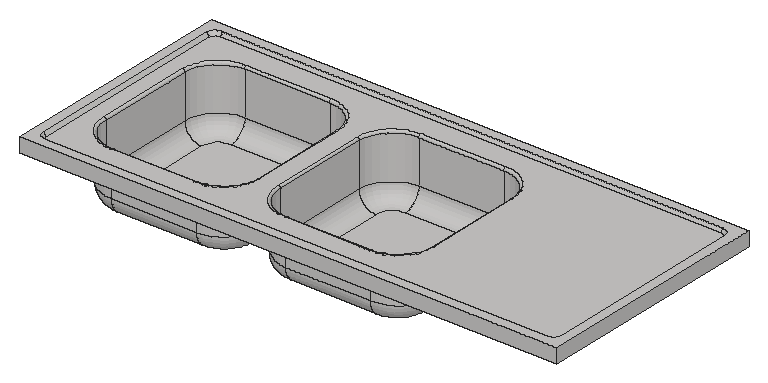
Revit family
Parameters (values of type "1200 X 535")
  Waste Connection Diameter = 40 mm
  Width Of Bowl = 370 mm
  Waste Connection Radius = Waste Connection Diameter / 2  # 20 mm
  Waste Connection = 1 = 1  # yes
  WFU = 0
  Vent Connection = 1 = 0  # no
  URL = "http://www.autospec.co.za/browse.php?id=1937217983"
  Product Code = "SSO-1200-DE"
  OmniClass Title = ""
  OmniClass Number = ""
  Modspec Classification = ""
  Specification = ""
  Material = Stainless Steel Grade 304
  Location (revit room) = ""
  Length Of Bowl = 340 mm
  HW Connection = 1 = 0  # no
  Description = ""
  Depth Of Bowl = 150 mm
  Colour = none
  CW Connection = 1 = 0  # no
  Body Finish = none
  Width = 535 mm
  Model = "Left Hand Sit-On Sink Double End Bowl SSO-1200-DE"
  Manufacturer = "Kwikot"  # constant formula
  Length = 1200 mm
  Assembly Code = "D2010410"
Reference planes
  plane 1 "Center (Front/Back)": y = 0
  plane 2 "Bottom": z = 0
  plane 3 "Center (Left/Right)": x = 0
  plane 4 "Right": x = 1200
  plane 5 "Back": y = 535
  plane 6 "Top": z = 150
  plane 7: z = 118
  plane 8: x = 65
  plane 9: x = 405
  plane 10: y = 267.5
  plane 11: y = 452.5
  plane 12: y = 82.5
  plane 13: x = 235
  plane 14: z = 142
  plane 15: x = 455
  plane 16: x = 795
  plane 17: x = 625
Forms (mm)
  Sweep 1, solid, material "Stainless Steel Grade 304" <- "Material"
    path origin (-60.109, -1524, 150) x (-1, 0, 0) y (0, -1, 0)
      loop
        line (-60.109, -2059) -> (-60.109, -1524) -> (-1260.109, -1524) -> (-1260.109, -2059) -> (-60.109, -2059)
    profile origin (600, 535, 150) x (0, 1, 0) y (0, 0, 1)
      loop
        line (-15, 0) -> (-15, -10.5) -> (-2.5, -10.5) -> (-2.5, -29.5) -> (-10, -29.5) -> (-10, -32) -> (0, -32) -> (0, 0) -> (-15, 0)
  Extrusion 2, solid, material "Stainless Steel Grade 304" <- "Material"
    sketch origin (-60.109, -1524, 150) x (-1, 0, 0) y (0, -1, 0)
      loop
        line (-75.109, -1539) -> (-1245.109, -1539) -> (-1245.109, -2044) -> (-75.109, -2044) -> (-75.109, -1539)
    from 0 to -10.5
  Extrusion 3, void
    sketch origin (-60.109, -1524, 150) x (0, -1, 0) y (-1, 0, 0)
      loop
        line (-1976.5, -200.109) -> (-1976.5, -390.109)
        arc (-1976.5, -390.109) -> (-1954.533, -443.142) -> (-1901.5, -465.109) r 75
        line (-1901.5, -465.109) -> (-1681.5, -465.109)
        arc (-1681.5, -465.109) -> (-1628.467, -443.142) -> (-1606.5, -390.109) r 75
        line (-1606.5, -390.109) -> (-1606.5, -200.109)
        arc (-1606.5, -200.109) -> (-1628.467, -147.076) -> (-1681.5, -125.109) r 75
        line (-1681.5, -125.109) -> (-1901.5, -125.109)
        arc (-1901.5, -125.109) -> (-1954.533, -147.076) -> (-1976.5, -200.109) r 75
      loop
        line (-1976.5, -590.109) -> (-1976.5, -780.109)
        arc (-1976.5, -780.109) -> (-1954.533, -833.142) -> (-1901.5, -855.109) r 75
        line (-1901.5, -855.109) -> (-1681.5, -855.109)
        arc (-1681.5, -855.109) -> (-1628.467, -833.142) -> (-1606.5, -780.109) r 75
        line (-1606.5, -780.109) -> (-1606.5, -590.109)
        arc (-1606.5, -590.109) -> (-1628.467, -537.076) -> (-1681.5, -515.109) r 75
        line (-1681.5, -515.109) -> (-1901.5, -515.109)
        arc (-1901.5, -515.109) -> (-1954.533, -537.076) -> (-1976.5, -590.109) r 75
    from 0 to 10.5
  Sweep 4, solid, material "Stainless Steel Grade 304" <- "Material"
    path origin (-60.109, -1524, 150) x (-1, 0, 0) y (0, -1, 0)
      loop
        arc (-200.109, -1976.5) -> (-147.076, -1954.533) -> (-125.109, -1901.5) r 75
        line (-125.109, -1901.5) -> (-125.109, -1681.5)
        arc (-125.109, -1681.5) -> (-147.076, -1628.467) -> (-200.109, -1606.5) r 75
        line (-200.109, -1606.5) -> (-390.109, -1606.5)
        arc (-390.109, -1606.5) -> (-443.142, -1628.467) -> (-465.109, -1681.5) r 75
        line (-465.109, -1681.5) -> (-465.109, -1901.5)
        arc (-465.109, -1901.5) -> (-443.142, -1954.533) -> (-390.109, -1976.5) r 75
        line (-390.109, -1976.5) -> (-200.109, -1976.5)
    profile origin (235, 452.5, 150) x (0, 1, 0) y (0, 0, 1)
      loop
        line (0, -10.5) -> (0, -110)
        arc (0, -110) -> (-10.983, -136.517) -> (-37.5, -147.5) r 37.5
        line (-37.5, -147.5) -> (-37.5, -150)
        arc (-37.5, -150) -> (-9.216, -138.284) -> (2.5, -110) r 40
        line (2.5, -110) -> (2.5, -10.5) -> (0, -10.5)
  Extrusion 5, solid, material "Stainless Steel Grade 304" <- "Material"
    sketch origin (0, 0, 0) x (1, 0, 0) y (0, 1, 0)
      loop
        arc (102.5, 157.5) -> (113.483, 130.983) -> (140, 120) r 37.5
        line (140, 120) -> (330, 120)
        arc (330, 120) -> (356.517, 130.983) -> (367.5, 157.5) r 37.5
        line (367.5, 157.5) -> (367.5, 377.5)
        arc (367.5, 377.5) -> (356.517, 404.017) -> (330, 415) r 37.5
        line (330, 415) -> (140, 415)
        arc (140, 415) -> (113.483, 404.017) -> (102.5, 377.5) r 37.5
        line (102.5, 377.5) -> (102.5, 157.5)
      loop
        circle (235, 267.5) r 20
    from 0 to 2.5
  Blend 6, void
    base sketch origin (0, 0, 150) x (-1, 0, 0) y (0, -1, 0)
      loop
        line (-20, -495) -> (-20, -40)
        arc (-20, -40) -> (-25.858, -25.858) -> (-40, -20) r 20
        line (-40, -20) -> (-1160, -20)
        arc (-1160, -20) -> (-1174.142, -25.858) -> (-1180, -40) r 20
        line (-1180, -40) -> (-1180, -495)
        arc (-1180, -495) -> (-1174.142, -509.142) -> (-1160, -515) r 20
        line (-1160, -515) -> (-40, -515)
        arc (-40, -515) -> (-25.858, -509.142) -> (-20, -495) r 20
    top sketch origin (0, 0, 150) x (-1, 0, 0) y (0, -1, 0)
      loop
        line (-25, -495) -> (-25, -40)
        arc (-25, -40) -> (-29.393, -29.393) -> (-40, -25) r 15
        line (-40, -25) -> (-1160, -25)
        arc (-1160, -25) -> (-1170.607, -29.393) -> (-1175, -40) r 15
        line (-1175, -40) -> (-1175, -495)
        arc (-1175, -495) -> (-1170.607, -505.607) -> (-1160, -510) r 15
        line (-1160, -510) -> (-40, -510)
        arc (-40, -510) -> (-29.393, -505.607) -> (-25, -495) r 15
    from 0 to -8
  Extrusion 7, solid, material "Stainless Steel Grade 304" <- "Material"
    sketch origin (0, 0, 0) x (1, 0, 0) y (0, 1, 0)
      loop
        circle (235, 267.5) r 20
    from 0 to -5
  Sweep 8, solid, material "Stainless Steel Grade 304" <- "Material"
    path origin (-60.109, -1524, 150) x (-1, 0, 0) y (0, -1, 0)
      loop
        arc (-855.109, -1901.5) -> (-833.142, -1954.533) -> (-780.109, -1976.5) r 75
        line (-780.109, -1976.5) -> (-590.109, -1976.5)
        arc (-590.109, -1976.5) -> (-537.076, -1954.533) -> (-515.109, -1901.5) r 75
        line (-515.109, -1901.5) -> (-515.109, -1681.5)
        arc (-515.109, -1681.5) -> (-537.076, -1628.467) -> (-590.109, -1606.5) r 75
        line (-590.109, -1606.5) -> (-780.109, -1606.5)
        arc (-780.109, -1606.5) -> (-833.142, -1628.467) -> (-855.109, -1681.5) r 75
        line (-855.109, -1681.5) -> (-855.109, -1901.5)
    profile origin (795, 267.5, 150) x (1, 0, 0) y (0, 0, 1)
      loop
        line (0, -10.5) -> (0, -110)
        arc (0, -110) -> (-10.983, -136.517) -> (-37.5, -147.5) r 37.5
        line (-37.5, -147.5) -> (-37.5, -150)
        arc (-37.5, -150) -> (-9.216, -138.284) -> (2.5, -110) r 40
        line (2.5, -110) -> (2.5, -10.5) -> (0, -10.5)
  Extrusion 9, solid, material "Stainless Steel Grade 304" <- "Material"
    sketch origin (0, 0, 0) x (1, 0, 0) y (0, 1, 0)
      loop
        arc (492.5, 157.5) -> (503.483, 130.983) -> (530, 120) r 37.5
        line (530, 120) -> (720, 120)
        arc (720, 120) -> (746.517, 130.983) -> (757.5, 157.5) r 37.5
        line (757.5, 157.5) -> (757.5, 377.5)
        arc (757.5, 377.5) -> (746.517, 404.017) -> (720, 415) r 37.5
        line (720, 415) -> (530, 415)
        arc (530, 415) -> (503.483, 404.017) -> (492.5, 377.5) r 37.5
        line (492.5, 377.5) -> (492.5, 157.5)
      loop
        circle (625, 267.5) r 20
    from 0 to 2.5
  Extrusion 10, solid, material "Stainless Steel Grade 304" <- "Material"
    sketch origin (0, 0, 0) x (1, 0, 0) y (0, 1, 0)
      loop
        circle (625, 267.5) r 20
    from 0 to -5
  Sweep 11, void
    path origin (0, 0, 150) x (-1, 0, 0) y (0, -1, 0)
      loop
        line (-330, -452.5) -> (-140, -452.5)
        arc (-140, -452.5) -> (-86.967, -430.533) -> (-65, -377.5) r 75
        line (-65, -377.5) -> (-65, -157.5)
        arc (-65, -157.5) -> (-86.967, -104.467) -> (-140, -82.5) r 75
        line (-140, -82.5) -> (-330, -82.5)
        arc (-330, -82.5) -> (-383.033, -104.467) -> (-405, -157.5) r 75
        line (-405, -157.5) -> (-405, -377.5)
        arc (-405, -377.5) -> (-383.033, -430.533) -> (-330, -452.5) r 75
    profile origin (235, 452.5, 150) x (0, -1, 0) y (0, 0, 1)
      loop
        arc (-5, -8) -> (-1.464, -9.464) -> (0, -13) r 5
        line (0, -13) -> (0, -8) -> (-5, -8)
  Sweep 12, void
    path origin (0, 0, 150) x (-1, 0, 0) y (0, -1, 0)
      loop
        arc (-530, -452.5) -> (-476.967, -430.533) -> (-455, -377.5) r 75
        line (-455, -377.5) -> (-455, -157.5)
        arc (-455, -157.5) -> (-476.967, -104.467) -> (-530, -82.5) r 75
        line (-530, -82.5) -> (-720, -82.5)
        arc (-720, -82.5) -> (-773.033, -104.467) -> (-795, -157.5) r 75
        line (-795, -157.5) -> (-795, -377.5)
        arc (-795, -377.5) -> (-773.033, -430.533) -> (-720, -452.5) r 75
        line (-720, -452.5) -> (-530, -452.5)
    profile origin (625, 452.5, 150) x (0, 1, 0) y (0, 0, 1)
      loop
        line (0, -8) -> (0, -13)
        arc (0, -13) -> (1.464, -9.464) -> (5, -8) r 5
        line (5, -8) -> (0, -8)
Cuts and joins
  Extrusion 3, Blend 6, Sweep 11, Sweep 12 cuts Sweep 1
  Extrusion 3, Blend 6, Sweep 11, Sweep 12 cuts Extrusion 2
  Blend 6, Sweep 11, Sweep 12 cuts Sweep 4
  Blend 6, Sweep 11, Sweep 12 cuts Extrusion 5
  Sweep 11, Sweep 12 cuts Extrusion 7
  Sweep 11, Sweep 12 cuts Sweep 8
  Sweep 11, Sweep 12 cuts Extrusion 9
  Sweep 11, Sweep 12 cuts Extrusion 10
  joined: Sweep 1, Extrusion 2, Sweep 4, Extrusion 5, Extrusion 7, Sweep 8, Extrusion 9, Extrusion 10
Lines and regions (mm)
  symbolic lines
    curve 1: line (0, 535, 150) -> (0, 0, 150)
    curve 2: line (0, 0, 150) -> (1200, 0, 150)
    curve 3: line (1200, 0, 150) -> (1200, 535, 150)
    curve 4: line (1200, 535, 150) -> (0, 535, 150)
    curve 5: line (20, 40, 150) -> (20, 495, 150)
    curve 6: line (25, 495, 150) -> (25, 40, 150)
    curve 7: arc (20, 495, 150) -> (25.858, 509.142, 150) -> (40, 515, 150) r 20
    curve 8: arc (40, 510, 150) -> (29.393, 505.607, 150) -> (25, 495, 150) r 15
    curve 9: line (40, 515, 150) -> (1160, 515, 150)
    curve 10: line (1160, 510, 150) -> (40, 510, 150)
    curve 11: arc (1160, 515, 150) -> (1174.142, 509.142, 150) -> (1180, 495, 150) r 20
    curve 12: arc (1175, 495, 150) -> (1170.607, 505.607, 150) -> (1160, 510, 150) r 15
    curve 13: line (1175, 40, 150) -> (1175, 495, 150)
    curve 14: line (1180, 495, 150) -> (1180, 40, 150)
    curve 15: arc (1180, 40, 150) -> (1174.142, 25.858, 150) -> (1160, 20, 150) r 20
    curve 16: arc (1160, 25, 150) -> (1170.607, 29.393, 150) -> (1175, 40, 150) r 15
    curve 17: line (1160, 20, 150) -> (40, 20, 150)
    curve 18: line (40, 25, 150) -> (1160, 25, 150)
    curve 19: arc (40, 20, 150) -> (25.858, 25.858, 150) -> (20, 40, 150) r 20
    curve 20: arc (25, 40, 150) -> (29.393, 29.393, 150) -> (40, 25, 150) r 15
    curve 21: line (65, 377.5, 150) -> (65, 157.5, 150)
    curve 22: arc (140, 452.5, 150) -> (86.967, 430.533, 150) -> (65, 377.5, 150) r 75
    curve 23: line (330, 452.5, 150) -> (140, 452.5, 150)
    curve 24: arc (405, 377.5, 150) -> (383.033, 430.533, 150) -> (330, 452.5, 150) r 75
    curve 25: line (405, 157.5, 150) -> (405, 377.5, 150)
    curve 26: arc (330, 82.5, 150) -> (383.033, 104.467, 150) -> (405, 157.5, 150) r 75
    curve 27: line (140, 82.5, 150) -> (330, 82.5, 150)
    curve 28: arc (65, 157.5, 150) -> (86.967, 104.467, 150) -> (140, 82.5, 150) r 75
    curve 33: arc (255, 267.5, 150) -> (235, 247.5, 150) -> (215, 267.5, 150) r 20
    curve 34: arc (215, 267.5, 150) -> (235, 287.5, 150) -> (255, 267.5, 150) r 20
    curve 36: line (530, 452.5, 150) -> (720, 452.5, 150)
    curve 37: arc (455, 377.5, 150) -> (476.967, 430.533, 150) -> (530, 452.5, 150) r 75
    curve 38: line (455, 157.5, 150) -> (455, 377.5, 150)
    curve 39: arc (720, 452.5, 150) -> (773.033, 430.533, 150) -> (795, 377.5, 150) r 75
    curve 40: line (795, 377.5, 150) -> (795, 157.5, 150)
    curve 41: arc (795, 157.5, 150) -> (773.033, 104.467, 150) -> (720, 82.5, 150) r 75
    curve 42: line (720, 82.5, 150) -> (530, 82.5, 150)
    curve 43: arc (530, 82.5, 150) -> (476.967, 104.467, 150) -> (455, 157.5, 150) r 75
    curve 44: arc (645, 267.5, 150) -> (625, 247.5, 150) -> (605, 267.5, 150) r 20
    curve 45: arc (605, 267.5, 150) -> (625, 287.5, 150) -> (645, 267.5, 150) r 20
  model lines
    curve 29: line (1150, 480, 142) -> (1150, 75, 142)
    curve 30: line (870, 480, 142) -> (1150, 480, 142)
    curve 31: line (870, 75, 142) -> (1150, 75, 142)
    curve 32: line (1150, 440, 142) -> (870, 440, 142)
    curve 35: line (870, 480, 142) -> (870, 75, 142)
    curve 46: line (1150, 460, 142) -> (870, 460, 142)
    curve 47: line (1150, 420, 142) -> (870, 420, 142)
    curve 48: line (1150, 400, 142) -> (870, 400, 142)
    curve 49: line (1150, 380, 142) -> (870, 380, 142)
    curve 50: line (1150, 360, 142) -> (870, 360, 142)
    curve 51: line (1150, 340, 142) -> (870, 340, 142)
    curve 52: line (1150, 320, 142) -> (870, 320, 142)
    curve 53: line (1150, 300, 142) -> (870, 300, 142)
    curve 54: line (1150, 280, 142) -> (870, 280, 142)
    curve 55: line (1150, 260, 142) -> (870, 260, 142)
    curve 56: line (1150, 240, 142) -> (870, 240, 142)
    curve 57: line (1150, 220, 142) -> (870, 220, 142)
    curve 58: line (1150, 200, 142) -> (870, 200, 142)
    curve 59: line (1150, 180, 142) -> (870, 180, 142)
    curve 60: line (1150, 160, 142) -> (870, 160, 142)
    curve 61: line (1150, 140, 142) -> (870, 140, 142)
    curve 62: line (1150, 120, 142) -> (870, 120, 142)
    curve 63: line (1150, 100, 142) -> (870, 100, 142)
Dimensions and locks
  "Length": plane 3 "Center (Left/Right)" to plane 4 "Right"
  "Width": plane 5 "Back" to plane 1 "Center (Front/Back)"
  "Depth Of Bowl": plane 6 "Top" to plane 2 "Bottom"
  equal spacing: plane 1 "Center (Front/Back)", plane 10, plane 5 "Back"
  "Length Of Bowl": plane 8 to plane 9
  "Width Of Bowl": plane 11 to plane 12
  equal spacing: plane 11, plane 10, plane 12
  equal spacing: plane 8, plane 13, plane 9
  plane 6 "Top" to plane 7 = 32 mm
  Sweep 1 sketch curve to plane 5 "Back" = 10 mm
  Sweep 1 sketch curve to plane 5 "Back" = 15 mm
  plane 6 "Top" to Sweep 1 sketch curve = 10.5 mm
  Sweep 1 sketch curve to plane 5 "Back" = 2.5 mm
  plane 7 to Sweep 1 sketch curve = 2.5 mm
  plane 3 "Center (Left/Right)" to Blend 6 sketch curve = 20 mm
  Blend 6 sketch curve to plane 4 "Right" = 20 mm
  plane 5 "Back" to Blend 6 sketch curve = 20 mm
  plane 1 "Center (Front/Back)" to Blend 6 sketch curve = 20 mm
  var sketch to Blend 6 sketch curve = 5 mm  (x3)
  Blend 6 sketch curve to var sketch = 5 mm
  plane 6 "Top" to plane 14 = 8 mm
  plane 3 "Center (Left/Right)" to plane 8 = 65 mm
  "Length Of Bowl": plane 15 to plane 16
  equal spacing: plane 15, plane 17, plane 16
  plane 9 to plane 15 = 50 mm
  curve 29 to plane 4 "Right" = 50 mm
  plane 5 "Back" to curve 30 = 55 mm
  radius of Extrusion 3 sketch curve = 75 mm  (x8)
  radius of Sweep 4 sketch curve = 37.5 mm
  radius of Sweep 4 sketch curve = 40 mm
  "Waste Connection Radius": radius of Extrusion 5 sketch curve
  radius of Blend 6 sketch curve = 20 mm  (x4)
  radius of Blend 6 sketch curve = 15 mm  (x4)
  radius of Sweep 8 sketch curve = 37.5 mm
  radius of Sweep 8 sketch curve = 40 mm
  "Waste Connection Radius": radius of Extrusion 9 sketch curve
  aligned and locked: level to plane 2 "Bottom"
  aligned and locked: Sweep 1 sketch curve to plane 5 "Back"
  aligned and locked: plane 3 "Center (Left/Right)" to Sweep 1 sketch curve
  aligned and locked: Sweep 1 sketch curve to plane 1 "Center (Front/Back)"
  aligned and locked: plane 4 "Right" to Sweep 1 sketch curve
  aligned and locked: Sweep 1 sketch curve to profile plane
  aligned and locked: plane 7 to Sweep 1 sketch curve
  aligned and locked: profile plane to Sweep 1 sketch curve
  aligned and locked: Extrusion 2 sketch curve to Sweep 1  (x4)
  aligned and locked: Sweep 1 to Extrusion 2
  aligned and locked: plane 6 "Top" to Extrusion 2
  aligned and locked: plane 11 to Extrusion 3 sketch curve  (x2)
  aligned and locked: Extrusion 3 sketch curve to plane 8
  aligned and locked: Extrusion 3 sketch curve to plane 12  (x2)
  aligned and locked: plane 9 to Extrusion 3 sketch curve
  aligned and locked: Sweep 1 to Extrusion 3
  aligned and locked: plane 6 "Top" to Extrusion 3
  aligned and locked: Sweep 4 sketch curve to cut or joined group 1 (Sweep 1, Extrusion 2, Extrusion 3, Sweep 4, Extrusion 5, Blend 6, Extrusion 7, Sweep 8, Extrusion 9, Extrusion 10, Sweep 11, Sweep 12)  (x5)
  aligned and locked: cut or joined group 1 to Sweep 4 sketch curve
  aligned and locked: plane 2 "Bottom" to Sweep 4 sketch curve
  aligned and locked: Extrusion 5 sketch curve to cut or joined group 1  (x4)
  aligned and locked: plane 10 to Extrusion 5 sketch curve
  aligned and locked: curve 1 to cut or joined group 1
  aligned and locked: curve 2 to cut or joined group 1
  aligned and locked: curve 3 to cut or joined group 1
  aligned and locked: curve 4 to cut or joined group 1
  aligned and locked: curve 7 to cut or joined group 1
  aligned and locked: curve 8 to cut or joined group 1
  aligned and locked: curve 11 to cut or joined group 1
  aligned and locked: curve 12 to cut or joined group 1
  aligned and locked: curve 15 to cut or joined group 1
  aligned and locked: curve 16 to cut or joined group 1
  aligned and locked: curve 19 to cut or joined group 1
  aligned and locked: curve 20 to cut or joined group 1
  aligned and locked: curve 22 to cut or joined group 1
  aligned and locked: curve 24 to cut or joined group 1
  aligned and locked: curve 26 to cut or joined group 1
  aligned and locked: curve 28 to cut or joined group 1
  aligned and locked: Extrusion 7 sketch curve to cut or joined group 1  (x2)
  aligned and locked: curve 33 to cut or joined group 1
  aligned and locked: curve 34 to cut or joined group 1
  aligned and locked: plane 13 to Extrusion 5 sketch curve
  aligned and locked: Extrusion 3 sketch curve to plane 15
  aligned and locked: plane 16 to Extrusion 3 sketch curve
  aligned and locked: Sweep 8 sketch curve to cut or joined group 1  (x4)
  aligned and locked: cut or joined group 1 to Sweep 8 sketch curve
  aligned and locked: Sweep 8 sketch curve to profile plane
  aligned and locked: plane 2 "Bottom" to Sweep 8 sketch curve
  aligned and locked: Extrusion 9 sketch curve to Sweep 8  (x4)
  aligned and locked: plane 17 to Extrusion 9 sketch curve
  aligned and locked: plane 10 to Extrusion 9 sketch curve
  aligned and locked: Extrusion 10 sketch curve to cut or joined group 1  (x2)
  aligned and locked: Sweep 11 sketch curve to cut or joined group 1  (x4)
  aligned and locked: cut or joined group 1 to Sweep 11 sketch curve
  aligned and locked: profile plane to Sweep 11 sketch curve
  aligned and locked: curve 37 to cut or joined group 1
  aligned and locked: curve 39 to cut or joined group 1
  aligned and locked: curve 41 to cut or joined group 1
  aligned and locked: curve 43 to cut or joined group 1
  aligned and locked: curve 44 to cut or joined group 1
  aligned and locked: curve 45 to cut or joined group 1
  aligned and locked: Sweep 12 sketch curve to cut or joined group 1  (x4)
  aligned and locked: profile plane to Sweep 12 sketch curve
  aligned and locked: cut or joined group 1 to Sweep 12 sketch curve
Automatic sketch dimensions
  Sweep 4 sketch curve to Sweep 4 sketch curve = 0 mm
  curve 32 to plane 11 = 12.5 mm
  curve 32 to curve 32 = 280 mm
  curve 31 to plane 12 = 7.5 mm
  Sweep 8 sketch curve to Sweep 8 sketch curve = 0 mm
  Sweep 11 sketch curve to Sweep 11 sketch curve = 5 mm  (x4)
  Sweep 11 sketch curve to profile plane = 0 mm
  Sweep 12 sketch curve to Sweep 12 sketch curve = 5 mm  (x2)
  Sweep 12 sketch curve to Sweep 12 sketch curve = 0 mm  (x2)
  Sweep 12 sketch curve to profile plane = 0 mm
  plane 11 to curve 46 = 7.5 mm
  curve 47 to curve 48 = 20 mm
  curve 48 to curve 49 = 20 mm
  curve 49 to curve 50 = 20 mm
  curve 50 to curve 51 = 20 mm
  curve 51 to curve 52 = 20 mm
  curve 52 to curve 53 = 20 mm
  plane 10 to curve 54 = 12.5 mm
  curve 55 to plane 10 = 7.5 mm
  curve 55 to curve 56 = 20 mm
  curve 56 to curve 57 = 20 mm
  curve 57 to curve 58 = 20 mm
  curve 58 to curve 59 = 20 mm
  curve 59 to curve 60 = 20 mm
  curve 60 to curve 61 = 20 mm
  curve 61 to curve 62 = 20 mm
  plane 12 to curve 63 = 17.5 mm
  curve 32 to curve 47 = 20 mm
Connectors
  piping at (235, 267.5, -5), driven by "Waste Connection Radius", driven by "WFU"
    settings: on cut or joined group 1, index 1, connector radius 20 mm, flow factor 0, pipe flow 0.0 L/s, pressure drop 0.0 Pa, fitting loss kfactor 0, connector angle 0.00°, fixture units 0, flow configuration 3, flow direction 2, fitting loss method 4, system type 16, connector reference index -1, connector utility 0, adjustable connector no, is connector primary yes, fitting loss table "", connector description "Waste Connection"
  piping at (625, 267.5, -5), driven by "Waste Connection Radius", driven by "WFU"
    settings: on cut or joined group 1, index 2, connector radius 20 mm, flow factor 0, pipe flow 0.0 L/s, pressure drop 0.0 Pa, fitting loss kfactor 0, connector angle 0.00°, fixture units 0, flow configuration 3, flow direction 2, fitting loss method 4, system type 16, connector reference index -1, connector utility 0, adjustable connector no, is connector primary no, fitting loss table "", connector description "Waste Connection"
